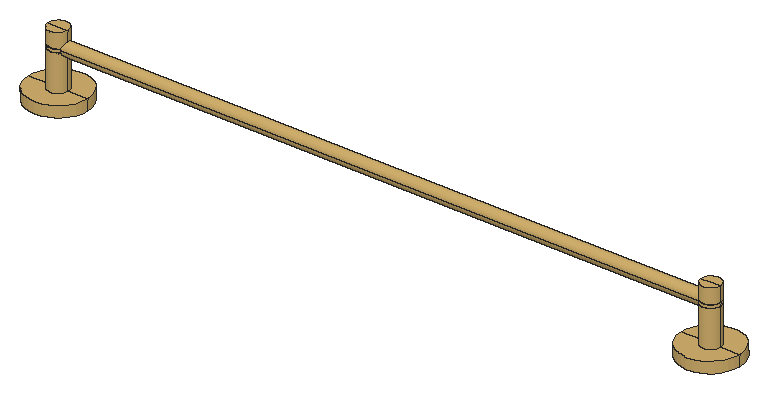
Revit family "Towel_Bar-Grohe-Essentials-40366_Series", category Specialty Equipment, host Face, Revit 2019
Family settings
  Host = Face
  Round Connector Dimension = Use Diameter
  Part Type = Normal
  OmniClass Number = 23.40.20.21.27
  OmniClass Title = Towel Bars
  Cut with Voids When Loaded = No
  Shared = Yes
  Room Calculation Point = No
Parameters (values of type "40366GN1")
  Width = 2 93/256"  # constant formula
  URL = "https://www.grohe.us"
  Type Comments = ""
  Revised Date = "10/25/2021"  # constant formula
  Product Page URL = "https://www.grohe.us/Towel-Bars/24-Inch-Towel-Bar/GROHE-BRUSHED-COOL-SUNRISE-40366GN1"
  Product Documentation Link = "https://americanstandard.box.com/shared/static/xtv3d1abizfaw2ltmnsfvso7gctg8tyn.pdf"
  Price = "Prices may vary. Please consult Manufacturer Representative for most up-to-date price list."  # constant formula
  Model = "40366GN1"
  Material = "Metal-Grohe-GN1-Brushed Cool Sunset"
  Manufacturer = "Grohe"  # constant formula
  Length = 23 159/256"  # constant formula
  Installation Type = "Wall Mounted"  # constant formula
  Installation Instruction Link = "https://americanstandard.box.com/shared/static/sowqlphcpgq1p9r6ekt9j8i13a23djlu.pdf"
  Height = 2 1/8"  # constant formula
  Finish = Metal-Grohe-GN1-Brushed Cool Sunset
  Description = "Essentials Towel Rail"  # constant formula
  Default Elevation = 40"  # constant formula
  Creation Date = "09/05/2019"  # constant formula
  Assembly Code = "C1030200"
Types (5): name | Product Page URL | Product Documentation Link | Model | Material | Finish
  40366A01 | "https://www.grohe.us/Towel-Bars/24-Inch-Towel-Bar/GROHE-HARD-GRAPHITE-40366A01" | "https://americanstandard.box.com/shared/static/xtv3d1abizfaw2ltmnsfvso7gctg8tyn.pdf" | "40366A01" | "Metal-Grohe-A01-Hard Graphite" | Metal-Grohe-A01-Hard Graphite
  40366BE1 | "https://www.grohe.us/Towel-Bars/24-Inch-Towel-Bar/GROHE-POLISHED-NICKEL-40366BE1" | "https://americanstandard.box.com/shared/static/xtv3d1abizfaw2ltmnsfvso7gctg8tyn.pdf" | "40366BE1" | "Metal-Grohe-BE1-Polished Nickel Infinity Finish" | Metal-Grohe-BE1-Polished Nickel Infinity Finish
  40366GN1 | "https://www.grohe.us/Towel-Bars/24-Inch-Towel-Bar/GROHE-BRUSHED-COOL-SUNRISE-40366GN1" | "https://americanstandard.box.com/shared/static/xtv3d1abizfaw2ltmnsfvso7gctg8tyn.pdf" | "40366GN1" | "Metal-Grohe-GN1-Brushed Cool Sunset" | Metal-Grohe-GN1-Brushed Cool Sunset
  40366001 | "https://www.grohe.us/Towel-Bars/24-Inch-Towel-Bar/GROHE-CHROME-40366001" | "https://americanstandard.box.com/shared/static/8gzt05369p378xwspdas0rh1rp3gzpqh.pdf" | "40366001" | "Metal-Grohe-001-StarLight Chrome" | Metal-Grohe-001-StarLight Chrome
  40366EN1 | "https://www.grohe.us/Towel-Bars/24-Inch-Towel-Bar/GROHE-BRUSHED-NICKEL-40366EN1" | "https://americanstandard.box.com/shared/static/xtv3d1abizfaw2ltmnsfvso7gctg8tyn.pdf" | "40366EN1" | "Metal-Grohe-EN1-Brushed Nickel Infinity Finish" | Metal-Grohe-EN1-Brushed Nickel Infinity Finish
Reference planes (in)
  plane 1 "Center (Front/Back)": y = 0
  plane 2: z = 0
  plane 3 "Center (Left/Right)": x = 0
  plane 4: z = 1.75
  plane 5: x = -11.81102
  plane 6: x = 11.81102
  plane 7: y = 1.06299
  plane 8: x = 12.13063
  plane 9: x = -12.13821
  plane 10: z = 2.36328
Forms (in)
  Extrusion 1, solid, material "Metal-Grohe-GN1-Brushed Cool Sunset" <- "Finish"
    sketch origin (0, 0.00697, 0) x (0, 1, 0) y (0, 0, 1)
      loop
        circle (-0.00697, 1.77165) r 0.24263
    from -11.81102 to 11.81102
  Revolve 2, solid, material "Metal-Grohe-GN1-Brushed Cool Sunset" <- "Finish"
    sketch origin (0, 0, 0) x (1, 0, 0) y (0, 0, 1)
      loop
        line (11.81102, 0) -> (12.87475, 0) -> (12.87475, 0.39025) -> (12.16255, 0.39025) -> (12.16255, 1.69139) -> (12.13063, 1.69139) -> (12.13063, 1.72761) -> (12.16255, 1.72761) -> (12.16255, 1.80757) -> (12.13063, 1.80757) -> (12.13063, 1.8438) -> (12.16255, 1.8438) -> (12.16255, 2.36328) -> (11.81102, 2.36328) -> (11.81102, 0)
      axis (11.81102, 2.36328) -> (11.81102, 0)
    angle from 0 to 360
  Revolve 3, solid, material "Metal-Grohe-GN1-Brushed Cool Sunset" <- "Finish"
    sketch origin (0, 0, 0) x (-1, 0, 0) y (0, 0, 1)
      loop
        line (11.81102, -0.00346) -> (12.88233, -0.00346) -> (12.88233, 0.39025) -> (12.17012, 0.39025) -> (12.17012, 1.69139) -> (12.13821, 1.69139) -> (12.13821, 1.72761) -> (12.17012, 1.72761) -> (12.17012, 1.80757) -> (12.13821, 1.80757) -> (12.13821, 1.8438) -> (12.17012, 1.8438) -> (12.17012, 2.3567) -> (11.81102, 2.3567) -> (11.81102, -0.00346)
      axis (11.81102, 2.3567) -> (11.81102, -0.00346)
    angle from 0 to 360
Lines and regions (in)
  Masking region 1
    outline origin (0, 0, 0) x (1, 0, 0) y (0, 0, 1)
      loop
        line (11.4593, 2.36328) -> (11.4593, 2.01593) -> (-11.45136, 2.01593) -> (-11.45136, 2.36016) -> (-12.17075, 2.36016) -> (-12.17075, 1.8438) -> (-12.13877, 1.8438) -> (-12.13877, 1.80757) -> (-12.17075, 1.80757) -> (-12.17075, 1.72761) -> (-12.13877, 1.72761) -> (-12.13877, 1.69139) -> (-12.17075, 1.69139) -> (-12.17075, 0.39025) -> (-12.88226, 0.39025) -> (-12.88226, 0) -> (-10.74025, 0) -> (-10.74025, 0.39025) -> (-11.45136, 0.39025) -> (-11.45136, 1.53047) -> (11.45943, 1.53047) -> (11.45943, 0.39025) -> (10.74803, 0.39025) -> (10.74803, 0) -> (12.87479, 0) -> (12.87479, 0.39025) -> (12.16252, 0.39025) -> (12.16252, 1.69139) -> (12.13063, 1.69139) -> (12.13063, 1.72761) -> (12.16254, 1.72761) -> (12.16254, 1.80757) -> (12.13063, 1.80757) -> (12.13063, 1.8438) -> (12.16254, 1.8438) -> (12.16254, 2.36328) -> (11.4593, 2.36328)
  symbolic lines, detail levels medium+fine
    curve 1: arc (11.46024, 0, 2.01593) -> (11.49089, 0, 1.7732) -> (11.46024, 0, 1.53047) r 0.97623
    curve 6: line (12.16181, 0, 0.39025) -> (11.46024, 0, 0.39025)
    curve 11: line (-11.46024, 0, 0.3937) -> (-12.16181, 0, 0.3937)
  symbolic lines, detail levels fine
    curve 2: line (12.1299, 0, 1.8438) -> (11.48834, 0, 1.8438)
    curve 3: line (12.1299, 0, 1.80757) -> (11.49029, 0, 1.80757)
    curve 4: line (12.1299, 0, 1.72761) -> (11.48983, 0, 1.72761)
    curve 5: line (12.1299, 0, 1.69139) -> (11.48746, 0, 1.69139)
    curve 7: line (-12.13877, 0, 1.8438) -> (-11.48743, 0, 1.8438)
    curve 8: line (-12.13821, 0, 1.80757) -> (-11.48991, 0, 1.80757)
    curve 9: line (-12.13821, 0, 1.72761) -> (-11.48933, 0, 1.72761)
    curve 10: line (-12.13877, 0, 1.69139) -> (-11.48632, 0, 1.69139)
    curve 12: arc (-11.45136, 0, 2.01593) -> (-11.49068, 0, 1.7732) -> (-11.45136, 0, 1.53047) r 0.76875
Dimensions and locks (in)
  locked: host face to Revolve 2 sketch curve at 0.39025
  Revolve 2 sketch curve to Revolve 2 sketch curve to Revolve 2 sketch curve to Revolve 2 sketch curve = 0.03623" locked, 0.07995" locked, 0.03623" locked
  Revolve 3 sketch curve to Revolve 3 sketch curve = 0.3591"
  Revolve 3 sketch curve to Revolve 3 sketch curve = 1.07131"
  plane 9 to Revolve 3 sketch curve = 0.32719"
  Revolve 3 sketch curve to Revolve 3 sketch curve to Revolve 3 sketch curve to Revolve 3 sketch curve = 0.03623" locked, 0.07995" locked, 0.03623" locked
  "Width": host face to plane 10
  "Length": plane 6 to plane 5
  Revolve 2 sketch curve to Revolve 2 sketch curve = 1.06373"
  "Length": plane 5 to plane 6
  equal spacing: plane 5, plane 3 "Center (Left/Right)", plane 6, locked at 11.81102 each
  aligned and locked: plane 2 to host face
  aligned and locked: level to host face
  aligned and locked: plane 6 to Revolve 2 sketch curve  (x2)
  aligned and locked: plane 8 to Revolve 2 sketch curve  (x2)
  aligned and locked: Extrusion 1 to plane 6
  aligned and locked: Extrusion 1 to plane 5
  aligned and locked: Revolve 3 sketch curve to plane 9  (x2)
  aligned and locked: Revolve 2 to curve 2
  aligned and locked: Revolve 2 to curve 4
  aligned and locked: Revolve 2 to curve 3
  aligned and locked: Revolve 3 to Masking region 1  (x3)
  aligned and locked: Masking region 1 to Revolve 3  (x2)
  aligned and locked: plane 10 to Masking region 1
  aligned and locked: Revolve 3 sketch curve to plane 5
  aligned and locked: Masking region 1 to Masking region 1  (x4)
  aligned and locked: Masking region 1 to Revolve 2  (x2)
  aligned and locked: curve 6 to Revolve 2
  aligned and locked: Masking region 1 sketch curve to Revolve 2
  aligned and locked: Masking region 1 sketch curve to Masking region 1 sketch curve  (x2)
  aligned and locked: Masking region 1 sketch curve to Revolve 3
Automatic sketch dimensions
  host sketch curve to host sketch curve = 96"  (x2)
  Extrusion 1 sketch curve to plane 1 "Center (Front/Back)" = 0"
  plane 4 to Extrusion 1 sketch curve = 0.02165"
  Revolve 3 sketch curve to Revolve 3 sketch curve = 0.03191"  (x2)
  level to Revolve 3 sketch curve = 0.00346"
  Revolve 3 sketch curve to level = 0.39025"
  plane 4 to Revolve 3 sketch curve = 0.05861"
  Revolve 3 sketch curve to Revolve 3 sketch curve = 0.51291"
  Revolve 3 sketch curve to Revolve 3 sketch curve = 0.5081"
  Revolve 3 sketch curve to Revolve 3 sketch curve = 0.09791"
  Revolve 2 sketch curve to level = 0"
  plane 8 to Revolve 2 sketch curve = 0.03191"  (x3)
  Revolve 2 sketch curve to plane 4 = 0.05861"
  plane 10 to Revolve 2 sketch curve = 0"
  Revolve 2 sketch curve to plane 10 = 0.50152"
  Revolve 2 sketch curve to Revolve 2 sketch curve = 0.09791"
  Masking region 1 sketch curve to level = 0"  (x2)
  Masking region 1 sketch curve to plane 5 = 1.07123"
  plane 4 to Masking region 1 sketch curve = 0.05757"  (x2)
  Masking region 1 sketch curve to plane 5 = 0.35973"  (x2)
  Masking region 1 sketch curve to Masking region 1 sketch curve = 0"
  plane 10 to Masking region 1 sketch curve = 0.00312"
  Masking region 1 sketch curve to Masking region 1 sketch curve = 0.03198"  (x2)
  plane 5 to Masking region 1 sketch curve = 0.35967"  (x2)
  Masking region 1 sketch curve to Masking region 1 sketch curve = 0.71111"
  level to Masking region 1 sketch curve = 0.39025"  (x3)
  plane 6 to Masking region 1 sketch curve = 1.06299"
  plane 6 to Masking region 1 sketch curve = 0.35172"
  plane 6 to Masking region 1 sketch curve = 0.35159"
  Masking region 1 sketch curve to plane 6 = 0.31961"
  Masking region 1 sketch curve to Masking region 1 sketch curve = 0.03188"
  Masking region 1 sketch curve to Masking region 1 sketch curve = 0.03191"
  Masking region 1 sketch curve to Masking region 1 sketch curve = 0.71227"
  Masking region 1 sketch curve to plane 4 = 0.21953"
  Masking region 1 sketch curve to plane 4 = 0.05861"  (x2)
  Masking region 1 sketch curve to plane 4 = 0.02239"  (x2)
  Masking region 1 sketch curve to Masking region 1 sketch curve = 0.03623"  (x2)
  plane 4 to Masking region 1 sketch curve = 0.26593"
  plane 4 to curve 12 = 0.0232"
  plane 4 to curve 1 = 0.0232"
  plane 6 to curve 1 = 1.29636"
  plane 5 to curve 12 = 0.35967"
  plane 4 to curve 12 = 0.26593"
  plane 5 to curve 11 = 0.35079"
  curve 10 to curve 12 = 0.03496"
  curve 7 to curve 10 = 0.00112"
  curve 9 to curve 10 = 0.00301"
  curve 8 to curve 7 = 0.00248"
  curve 8 to plane 5 = 0.32719"
  curve 9 to plane 4 = 0.02239"
  curve 8 to curve 9 = 0"
  curve 7 to curve 8 = 0.00056"
  curve 10 to curve 9 = 0.00056"
  curve 11 to plane 5 = 0.35079"
  plane 6 to curve 1 = 0.35079"  (x2)
  curve 1 to plane 4 = 0.21953"
  plane 6 to curve 6 = 0.35079"
  curve 5 to curve 4 = 0.00237"
  curve 5 to plane 6 = 0.31888"
  curve 2 to curve 5 = 0"
  curve 4 to curve 5 = 0"
  curve 2 to curve 3 = 0"
  curve 6 to plane 6 = 0.35079"
  level to curve 11 = 0.3937"
  curve 8 to curve 7 = 0.03623"
  radius of Extrusion 1 sketch curve = 0.24263"
